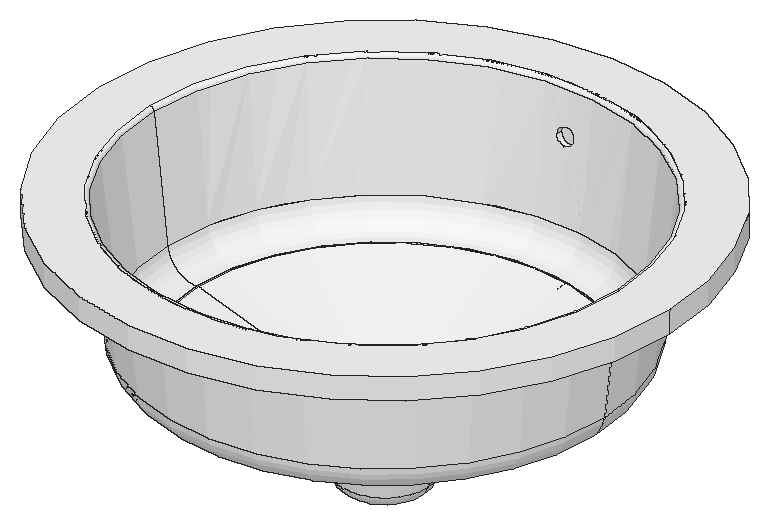
Revit family "xBasin-Undercounter-DXV-Pop_Grande_Round-D20135000.415", category Plumbing Fixtures, Revit 2014
Parameters (values of type "D20135000.415")
  Width = 16 5/8"
  Waste Connection Radius = 5/8"
  Waste Connection Height = 20 1/4"
  Waste Connection Diameter = Waste Connection Radius * 2  # 1 1/4"
  Waste Connection = yes
  Warranty Documentation Link = "https://www.dxv.com/-/media/files/dxv/warranty/dxv_warranty_booklet.ashx"
  WFU = 2
  Vent Connection = no
  URL = "http://www.dxv.com/"
  Product Page URL = "https://www.dxv.com/product/pop-grande-round-undermount-bathroom-sink-by-dxv"
  Product Documentation Link = "https://dxv01.blob.core.windows.net/dxv-product-pdf-files/spec_D20135000_DXV_Pop_rd_grande_uc_lav_EN.pdf"
  Price = "Prices may vary. Please consult Manufacturer Representative for most up-to-date price list."  # constant formula
  Outlet Location = 3 1/16"
  Model = "D20135000.415"
  Material = "Vitreous China-DXV-415-Canvas White"
  Manufacturer = "DXV"  # constant formula
  Length = 16 5/8"
  Installation Type = "Undercounter"  # constant formula
  Hot Water Connection Width = 4"
  Hot Water Connection Radius = 1/4"
  Hot Water Connection Height = 22 3/4"
  Hot Water Connection Diameter = Hot Water Connection Radius * 2  # 1/2"
  Height = 7 1/2"
  HWFU = 1.5
  HW Connection = yes
  Finish = Vitreous China-DXV-415-Canvas White
  Description = "Pop Grande Round Under Counter Lavatory "  # constant formula
  Default Elevation = 34"
  Creation Date = "11/15/2017"  # constant formula
  Cold Water Connection Width = 4"
  Cold Water Connection Radius = 1/4"
  Cold Water Connection Height = Hot Water Connection Height  # 22 3/4"
  Cold Water Connection Diameter = Cold Water Connection Radius * 2  # 1/2"
  CWFU = 1.5
  CW Connection = yes
  Basin Shape = "Round"  # constant formula
  Assembly Code = "D2010310"
  ADA Compliant = yes
Reference planes (in)
  plane 1 "Center (Front/Back)": y = 0
  plane 2: z = 0
  plane 3 "Center (Left/Right)": x = 0
  plane 4: y = -3.0625
  plane 5: y = -4.625
  plane 6: z = -34
  plane 7: z = -7.5
  plane 8: z = -11.25
  plane 9: z = -13.75
  plane 10: z = -0.625
  plane 11: z = -5.5
  plane 12: x = -1
  plane 13: x = 1
  plane 14: y = -5.125
  plane 15: z = 1
  plane 16: y = -9.375
  plane 17: y = -19.6875
  plane 18: y = -11.375
  plane 19: x = 6.75
  plane 20: x = -6.75
  plane 21: x = 8.3125
  plane 22: x = -8.3125
  plane 23: y = -18.125
Forms (in)
  Sweep 1, solid, material "Vitreous China-DXV-415-Canvas White" <- "Finish"
    path origin (0, -9.4375, 0) x (1, 0, 0) y (0, 1, 0)
      loop
        circle (0, -1.9375) r 8.3125
    profile origin (8.3125, -11.375, 0) x (-1, 0, 0) y (0, 0, 1)
      loop
        line (0, 0) -> (0, -0.625) -> (1.46158, -0.625)
        arc (1.46158, -0.625) -> (1.54466, -0.65661) -> (1.58573, -0.73546) r 0.125
        line (1.58573, -0.73546) -> (1.90674, -3.47578)
        arc (1.90674, -3.47578) -> (2.20567, -4.04976) -> (2.81052, -4.27988) r 0.90996
        line (2.81052, -4.27988) -> (2.8445, -4.27988) -> (2.8445, -4.21738) -> (2.81052, -4.21738)
        arc (2.81052, -4.21738) -> (2.24721, -4.00306) -> (1.96881, -3.46851) r 0.84746
        line (1.96881, -3.46851) -> (1.57544, -0.11046)
        arc (1.57544, -0.11046) -> (1.53438, -0.03161) -> (1.45129, 0) r 0.125
        line (1.45129, 0) -> (0.15948, 0) -> (0, 0)
  Blend 2, solid, material "Vitreous China-DXV-415-Canvas White" <- "Finish"
    base sketch origin (0, -9.4375, 0) x (1, 0, 0) y (0, 1, 0)
      loop
        circle (0, -1.9375) r 1
    top sketch origin (0, -9.4375, 0) x (1, 0, 0) y (0, 1, 0)
      loop
        circle (0, -1.9375) r 5.468
    from -6.00409 to -4.21738
  Revolve 3, solid, material "Vitreous China-DXV-415-Canvas White" <- "Finish"
    sketch origin (0, -11.375, 0) x (1, 0, 0) y (0, 0, 1)
      loop
        line (-0.625, -7.5) -> (-0.625, -5.25) -> (-1.74613, -5.25) -> (-1.24255, -7.12941)
        arc (-1.24255, -7.12941) -> (-1.06397, -7.39668) -> (-0.75959, -7.5) r 0.5
        line (-0.75959, -7.5) -> (-0.625, -7.5)
      axis (0, -7.5) -> (0, -5.25)
    angle from 0 to 360
  Extrusion 4, void
    sketch origin (0, -9.4375, 0) x (1, 0, 0) y (0, 1, 0)
      loop
        circle (0, -1.9375) r 0.75
    from -7.5 to -3.38939
  Extrusion 5, solid, not visible
    sketch origin (0, 0, 0) x (1, 0, 0) y (0, 0, 1)
      loop
        circle (-4, -11.25) r 0.25
      loop
        circle (4, -11.25) r 0.25
      loop
        circle (0, -13.75) r 0.625
    from 0 to 0.03125
  Extrusion 6, void
    sketch origin (0, 0, 0) x (1, 0, 0) y (0, 0, 1)
      loop
        circle (0, -1.28839) r 0.25
    from 4.625 to 5.125
  Blend 7, void
    base sketch origin (0, -9.4375, 0) x (1, 0, 0) y (0, 1, 0)
      loop
        circle (0, -1.9375) r 1
    top sketch origin (0, -9.4375, 0) x (1, 0, 0) y (0, 1, 0)
      loop
        circle (0, -1.9375) r 5.468
    from -5.5 to -4.21738
  Extrusion 8, void
    sketch origin (0, 0, 0) x (1, 0, 0) y (0, 1, 0)
      loop
        circle (0, -11.375) r 6.375
    from -7.5 to 1
  Sweep 9, solid, material "Vitreous China-DXV-415-Canvas White" <- "Finish"
    path origin (0, 0, 0) x (1, 0, 0) y (0, 1, 0)
      loop
        arc (1.58271, -3.23584) -> (0, -3.0625) -> (-1.58271, -3.23584) r 7.3125
    profile origin (0, -3.0625, 0) x (0, -1, 0) y (0, 0, 1)
      loop
        line (0.80787, -0.59375) -> (1.20886, -4.11256)
        arc (1.20886, -4.11256) -> (1.56202, -4.76462) -> (2.26854, -4.98984) r 0.99238
        arc (2.26854, -4.98984) -> (2.73951, -5.02945) -> (3.17478, -5.21363) r 1.5
        line (3.17478, -5.21363) -> (6.1706, -7.08563)
        arc (6.1706, -7.08563) -> (6.29774, -7.14223) -> (6.43555, -7.1616) r 0.5
        line (6.43555, -7.1616) -> (7.18446, -7.1616) -> (7.18446, -5.733) -> (2.8445, -4.23864)
        arc (2.8445, -4.23864) -> (2.28489, -4.05464) -> (1.94365, -3.57446) r 0.94302
        line (1.94365, -3.57446) -> (1.60398, -0.59375) -> (0.80787, -0.59375)
Cuts and joins
  Extrusion 4, Extrusion 6 cuts Sweep 1
  Extrusion 4, Blend 7 cuts Blend 2
  Extrusion 4, Blend 7 cuts Revolve 3
  Extrusion 4, Extrusion 6 cuts Sweep 9
  joined: Sweep 1, Blend 2, Revolve 3, Sweep 9
Lines and regions (in)
  Masking region 1
    outline origin (0, -1, 0) x (1, 0, 0) y (0, 1, 0)
      loop
        circle (0, -10.375) r 8.3125
  symbolic lines, detail levels medium+fine
    curve 1: circle (0, -11.375, 0) r 0.75 normal (0, 0, 1)
    curve 3: circle (0, -11.375, 0) r 6.75 normal (0, 0, 1)
  symbolic lines, detail levels fine
    curve 2: circle (0, -11.375, 0) r 1 normal (0, 0, 1)
    curve 4: circle (0, -11.375, 0) r 5.5 normal (0, 0, 1)
Dimensions and locks (in)
  "Default Elevation": level to plane 6
  "Waste Connection Height": plane 9 to plane 6
  "Hot Water Connection Height": plane 8 to plane 6
  "Height": level to plane 7
  level to plane 10 = 5/8"
  "Outlet Location": plane 1 "Center (Front/Back)" to plane 4
  level to plane 11 = 5 1/2"
  "Length": plane 4 to plane 17
  plane 4 to plane 18 = 8 5/16"
  plane 23 to plane 5 = 13 1/2"
  plane 20 to plane 19 = 13 1/2"
  "Width": plane 22 to plane 21
  aligned and locked: Extrusion 6 to plane 5
  aligned and locked: Extrusion 6 to plane 14
  aligned and locked: plane 15 to Extrusion 8
Automatic sketch dimensions
  Blend 2 sketch curve to plane 3 "Center (Left/Right)" = 0"  (x2)
  Extrusion 4 sketch curve to plane 3 "Center (Left/Right)" = 0"
  Extrusion 5 sketch curve to plane 3 "Center (Left/Right)" = 0"
  Extrusion 5 sketch curve to plane 9 = 0"
  Extrusion 5 sketch curve to plane 8 = 0"  (x2)
  Extrusion 6 sketch curve to plane 3 "Center (Left/Right)" = 0"
  Extrusion 6 sketch curve to plane 10 = 0.66339"
  Blend 7 sketch curve to plane 3 "Center (Left/Right)" = 0"  (x2)
  Revolve 3 sketch curve to plane 7 = 0"
  Revolve 3 sketch curve to plane 3 "Center (Left/Right)" = 0"
  Revolve 3 sketch curve to plane 3 "Center (Left/Right)" = 5/8"
  Revolve 3 sketch curve to Revolve 3 sketch curve = 0.13459"
  plane 7 to Revolve 3 sketch curve = 0.37059"
  Revolve 3 sketch curve to Revolve 3 sketch curve = 0.48296"
  plane 11 to Revolve 3 sketch curve = 1/4"
  Revolve 3 sketch curve to Revolve 3 sketch curve = 1.12113"
  Revolve 3 sketch curve to plane 7 = 1/4"
  Revolve 3 sketch curve to Revolve 3 sketch curve = 1/2"
  Blend 2 sketch curve to plane 14 = 6 1/4"
  Extrusion 4 sketch curve to plane 14 = 6 1/4"
  Blend 7 sketch curve to plane 14 = 6 1/4"
  Sweep 1 sketch curve to Sweep 1 sketch curve = 0"  (x2)
  Sweep 1 sketch curve to profile plane = 0"  (x2)
  Sweep 1 sketch curve to profile plane = 0.15948"
  Sweep 1 sketch curve to Sweep 1 sketch curve = 1.29181"
  Sweep 1 sketch curve to Sweep 1 sketch curve = 0.01029"
  Sweep 1 sketch curve to profile plane = 0.11046"
  Sweep 1 sketch curve to Sweep 1 sketch curve = 0.12415"  (x2)
  Sweep 1 sketch curve to profile plane = 0.73546"
  Sweep 1 sketch curve to profile plane = 1.90674"
  Sweep 1 sketch curve to Sweep 1 sketch curve = 0.06208"
  Sweep 1 sketch curve to Sweep 1 sketch curve = 0.84171"
  Sweep 1 sketch curve to Sweep 1 sketch curve = 0.03398"
  Sweep 1 sketch curve to Sweep 1 sketch curve = 0.01454"
  Sweep 1 sketch curve to Sweep 1 sketch curve = 2.63446"
  Sweep 1 sketch curve to Sweep 1 sketch curve = 0.0986"
  Sweep 1 sketch curve to Sweep 1 sketch curve = 0.00727"
  Extrusion 5 sketch curve to plane 12 = 3"
  plane 13 to Extrusion 5 sketch curve = 3"
  Sweep 1 sketch curve to plane 3 "Center (Left/Right)" = 0"
  Sweep 1 sketch curve to plane 18 = 0"
  Extrusion 8 sketch curve to plane 3 "Center (Left/Right)" = 0"
  Extrusion 8 sketch curve to plane 18 = 0"
  Blend 7 sketch curve to plane 18 = 0"
  Blend 2 sketch curve to plane 18 = 0"
  Masking region 1 sketch curve to plane 3 "Center (Left/Right)" = 0"
  Masking region 1 sketch curve to plane 18 = 0"
  curve 1 to curve 2 = 0"  (x2)
  curve 1 to curve 3 = 0"  (x2)
  curve 1 to curve 4 = 0"  (x2)
  curve 2 to curve 3 = 0"  (x2)
  curve 2 to curve 4 = 0"  (x2)
  curve 3 to curve 4 = 0"  (x2)
  curve 2 to plane 3 "Center (Left/Right)" = 0"
  curve 2 to plane 18 = 0"
  Sweep 9 sketch curve to profile plane = 0.80787"
  Sweep 9 sketch curve to profile plane = 1.20886"
  Sweep 9 sketch curve to level = 19/32"
  Sweep 9 sketch curve to Sweep 9 sketch curve = 0.79611"
  Sweep 9 sketch curve to Sweep 9 sketch curve = 0.73479"
  Sweep 9 sketch curve to profile plane = 2.3799"
  Sweep 9 sketch curve to Sweep 9 sketch curve = 0.25121"
  Sweep 9 sketch curve to Sweep 9 sketch curve = 0.90085"
  Sweep 9 sketch curve to Sweep 9 sketch curve = 0.33028"
  Sweep 9 sketch curve to Sweep 9 sketch curve = 2.99582"
  Sweep 9 sketch curve to Sweep 9 sketch curve = 0.26496"
  Sweep 9 sketch curve to Sweep 9 sketch curve = 0.7489"
  Sweep 9 sketch curve to Sweep 9 sketch curve = 2.70187"
  Sweep 9 sketch curve to Sweep 9 sketch curve = 0.27884"
  Sweep 9 sketch curve to Sweep 9 sketch curve = 0.42574"
  Sweep 9 sketch curve to Sweep 9 sketch curve = 0.5381"
  Sweep 9 sketch curve to Sweep 9 sketch curve = 0.97499"
  Sweep 9 sketch curve to Sweep 9 sketch curve = 0.51937"
  Sweep 9 sketch curve to Sweep 9 sketch curve = 0.9286"
  Sweep 9 sketch curve to Sweep 9 sketch curve = 0.42402"
  Sweep 9 sketch curve to Sweep 9 sketch curve = 1.27207"
  radius of Blend 2 sketch curve = 1"
  radius of Extrusion 4 sketch curve = 3/4"
  radius of Extrusion 5 sketch curve = 1/4"  (x2)
  radius of Extrusion 5 sketch curve = 5/8"
  radius of Extrusion 6 sketch curve = 1/4"
  radius of Blend 7 sketch curve = 1"
  radius of Sweep 1 sketch curve = 8 5/16"
  radius of Extrusion 8 sketch curve = 6 3/8"
  radius of Blend 7 sketch curve = 5.468"
  radius of Blend 2 sketch curve = 5.468"
  radius of Masking region 1 sketch curve = 8 5/16"
  radius of curve 1 = 3/4"
  radius of curve 2 = 1"
  radius of curve 3 = 6 3/4"
  radius of curve 4 = 5 1/2"
Connectors (in)
  piping at (-4, 0, -11.25), diameter 0.5, driven by "Hot Water Connection Radius", driven by "HWFU"
    settings: on Extrusion 5, index 1, connector inside diameter 1/2", connector length 0", flow factor 0, pipe flow 0 GPM, pressure drop 0.00 psi, fitting loss kfactor 0, connector angle 0.00°, fixture units 1.5, engagement length 0", angle of deflection 0.00°, flow configuration 3, flow direction 1, fitting loss method 0, system type 19, joint type 0, gender type 0, connector reference index -1, connector utility 0, adjustable connector no, is connector primary yes, connector description "1/2\" HW Supply Inlet"
  piping at (0, 0, -13.75), diameter 1.25, driven by "Waste Connection Radius", driven by "WFU"
    settings: on Extrusion 5, index 2, connector inside diameter 1 1/4", connector length 0", flow factor 0, pipe flow 0 GPM, pressure drop 0.00 psi, fitting loss kfactor 0, connector angle 0.00°, fixture units 2, engagement length 0", angle of deflection 0.00°, flow configuration 3, flow direction 2, fitting loss method 0, system type 16, joint type 0, gender type 0, connector reference index -1, connector utility 0, adjustable connector yes, is connector primary no, connector description "1-1/4\" O.D. Waste Outlet"
  piping at (4, 0, -11.25), diameter 0.5, driven by "Cold Water Connection Radius", driven by "CWFU"
    settings: on Extrusion 5, index 3, connector inside diameter 1/2", connector length 0", flow factor 0, pipe flow 0 GPM, pressure drop 0.00 psi, fitting loss kfactor 0, connector angle 0.00°, fixture units 1.5, engagement length 0", angle of deflection 0.00°, flow configuration 3, flow direction 1, fitting loss method 0, system type 20, joint type 0, gender type 0, connector reference index -1, connector utility 0, adjustable connector no, is connector primary no, connector description "1/2\" CW Supply Inlet"
